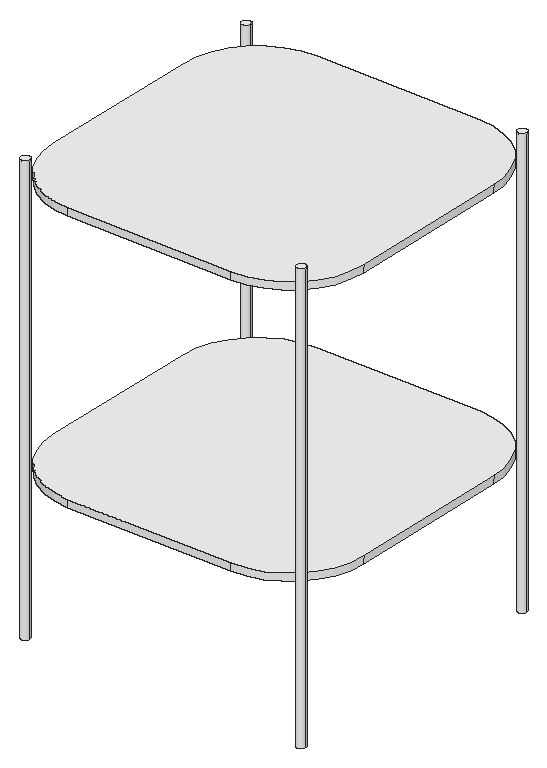
Revit family "NBS_Allermuir_OffcStrg_Mozaik-en-us", category Furniture, Revit 2016
Family settings
  Work Plane-Based = No
  Always vertical = Yes
  Cut with Voids When Loaded = No
  Shared = No
  Room Calculation Point = No
Parameters (values of type "MZKLSS")
  WorksurfaceArea = 0.00 m²
  WarrantyStartDate [instance] = "1900-12-31T23:59:59"
  WarrantyGuarantorParts = "sales@allermuir.com"
  WarrantyGuarantorLabor = "n/a"
  WarrantyDurationUnit = "year"
  WarrantyDurationParts = "10"
  WarrantyDurationLabor = "n/a"
  WarrantyDescription = "Allermuir warrant that its manufactured products are free from manufacturing defects in materials or workmanship for a period of ten years"
  Version = "1"  # constant formula
  Uniclass2015Version = "Products v1.9"
  Uniclass2015Title = "Office storage units"
  Uniclass2015Code = "Pr_40_30_78_57"
  TagNumber [instance] = "n/a"
  SustainabilityPerformance = "n/a"
  Style = "n/a"
  StorageUnits = "Office shelving"
  Status = "UNSET"
  Size = "17 x 17 x 23.5\""
  ShelfMaterial = NBS_Concept
  Shape = "n/a"
  SerialNumber [instance] = "n/a"
  Revision = "n/a"
  ReplacementCost = "n/a"
  Reference = "n/a"
  ProductInformation = "http://www.thesenatorgroup.com/FamilyDocuments/791/Americas/Allermuir_SPEC_2017_MozaikStorage_US.pdf"
  OmniClassVersion = "Table 22 2012-05-16"
  OmniClassTitle = "Office Tables"
  OmniClassCode = "22-12 51 23"
  NumberOfChairs = 0
  NominalWidth = 17"
  NominalLength = 17"
  NominalHeight = 23.5"
  NominalDepth = 17"
  Name = "OfficeStorage_Mozaik_MZKLSS-US_Allermuir"
  NBSReference = "45-35-80/360"
  NBSDescription = "Office storage"
  NBSCertification = "www.nationalbimlibrary.com/cert/q4erdhkb"
  ModelReference = "Mozaik office"
  ModelNumber = "MZKLSS"
  Material = "n/a"
  ManufacturerURL = "http://www.thesenatorgroup.com"
  ManufacturerName = "Allermuir"  # constant formula
  Manufacturer = "sales@allermuir.com"  # constant formula
  MainColor = "Black"
  LegMaterial = NBS_Concept
  IsBuiltIn = no
  IntegralAccessories = "Plastic glides"
  InstallationDate [instance] = "1900-12-31T23:59:59"
  IfcExportType = "NOTDEFINED"  # constant formula
  IfcExportAs = "IfcFurnitureType"  # constant formula
  High = not(NominalHeight < 39.37008")  # no
  Grade = "n/a"
  FrameFinishOptions = "Black, white, coral or pebble powder coat"
  Finish = "n/a"
  Features = "0.50\" TFL surface available in matt white or black, edge profile is stained to match the TFL top, wire frame finished in black powder coat, plastic glides, wire frame available in white, coral or pebble powder coat"
  ExpectedLife = "10"
  EnvironmentalProductDeclaration = "http://www.thesenatorgroup.com/FamilyDocuments/791/Americas/ALLERMUIR_EPA_2017_US%20VERSION_MOZAIK%20STORAGE%20.pdf"
  DurationUnit = "year"
  Description = "Low square storage"
  Constituents = "n/a"
  Color = "n/a"
  CodePerformance = "n/a"
  Category = "Pr_40_30_78_57:Office storage units"
  BarCode [instance] = "n/a"
  BIMObjectName = "NBS_Allermuir_OfficeStorage_Mozaik_MZKLSS-US"
  Author = "NBS"  # constant formula
  AssetType = "Moveable"
  AssetIdentifier [instance] = "n/a"
  AccessibilityPerformance = "n/a"
Types (4): name | Size | NominalWidth | NominalLength | NominalHeight | NominalDepth | Name | ModelNumber | High | Description | BIMObjectName
  MZKLT | "33.75 x 33.75 x 15.5\"" | 33.75" | 33.75" | 15.5" | 33.75" | "OfficeStorage_Mozaik_MZKLT-US_Allermuir" | "MZKLT" | no | "Low table" | "NBS_Allermuir_OfficeStorage_Mozaik_MZKLT-US"
  MZKLSS | "17 x 17 x 23.5\"" | 17" | 17" | 23.5" | 17" | "OfficeStorage_Mozaik_MZKLSS-US_Allermuir" | "MZKLSS" | no | "Low square storage" | "NBS_Allermuir_OfficeStorage_Mozaik_MZKLSS-US"
  MZKHSS | "17 x 17 x 46.25\"" | 17" | 17" | 46.25" | 17" | "OfficeStorage_Mozaik_MZKHSS-US_Allermuir" | "MZKHSS" | yes | "High square storage" | "NBS_Allermuir_OfficeStorage_Mozaik_MZKHSS-US"
  MZKLRS | "33.75 x 17 x 23.5\"" | 17" | 33.75" | 23.5" | 17" | "OfficeStorage_Mozaik_MZKLRS-US_Allermuir" | "MZKLRS" | no | "Low rectangular storage" | "NBS_Allermuir_OfficeStorage_Mozaik_MZKLRS-US"
Reference planes (in)
  plane 1 "Center (Front/Back)": y = 0
  plane 2: z = 0
  plane 3 "Center (Left/Right)": x = 0
  plane 4: y = 8.5
  plane 5: y = -8.5
  plane 6: x = 8.5
  plane 7: x = -8.5
  plane 8: z = 23.5
  plane 9 "BtmShelf": z = 7.87553
  plane 10 "TopShelf": z = 22.1617
  plane 11: z = 8.26923
  plane 12: z = 22.5554
  plane 13 "HighShlf1": z = 22.04876
  plane 14 "HighShlf2": z = 31.10388
  plane 15: z = 31.49758
  plane 16: z = 22.44246
Forms (in)
  Extrusion 1, solid, material "NBS_Concept" <- "ShelfMaterial", detail levels coarse
    sketch origin (0, 0, 7.87553) x (0, -1, 0) y (1, 0, 0)
      loop
        line (-8.5, -8.5) -> (8.5, -8.5) -> (8.5, 8.5) -> (-8.5, 8.5) -> (-8.5, -8.5)
    from 0 to 0.3937
  Extrusion 2, solid, material "NBS_Concept" <- "ShelfMaterial", detail levels coarse
    sketch origin (0, 0, 22.1617) x (0, -1, 0) y (1, 0, 0)
      loop
        line (-8.5, -8.5) -> (8.5, -8.5) -> (8.5, 8.5) -> (-8.5, 8.5) -> (-8.5, -8.5)
    from 0 to 0.3937
  Extrusion 3, solid, material "NBS_Concept" <- "LegMaterial", detail levels medium+fine
    sketch origin (0, 0, 0) x (1, 0, 0) y (0, 1, 0)
      loop
        circle (-7.55633, 7.55615) r 0.23622
      loop
        circle (7.55633, 7.55615) r 0.23622
      loop
        circle (-7.55633, -7.55615) r 0.23622
      loop
        circle (7.55633, -7.55615) r 0.23622
    from 0 to 23.5
  Extrusion 4, solid, material "NBS_Concept" <- "ShelfMaterial", detail levels medium+fine
    sketch origin (0, 0, 7.87553) x (0, -1, 0) y (1, 0, 0)
      loop
        arc (-8.5, -4.44488) -> (-7.31228, -7.31228) -> (-4.44488, -8.5) r 4.05512
        line (-4.44488, -8.5) -> (4.45243, -8.5)
        arc (4.45243, -8.5) -> (7.31449, -7.31449) -> (8.5, -4.45243) r 4.04757
        line (8.5, -4.45243) -> (8.5, 4.44488)
        arc (8.5, 4.44488) -> (7.31228, 7.31228) -> (4.44488, 8.5) r 4.05512
        line (4.44488, 8.5) -> (-4.45827, 8.5)
        arc (-4.45827, 8.5) -> (-7.3162, 7.3162) -> (-8.5, 4.45827) r 4.04173
        line (-8.5, 4.45827) -> (-8.5, -4.44488)
    from 0 to 0.3937
  Extrusion 5, solid, material "NBS_Concept" <- "ShelfMaterial", detail levels medium+fine
    sketch origin (0, 0, 22.05515) x (0, -1, 0) y (1, 0, 0)
      loop
        arc (-8.5, -4.44488) -> (-7.31228, -7.31228) -> (-4.44488, -8.5) r 4.05512
        line (-4.44488, -8.5) -> (4.45243, -8.5)
        arc (4.45243, -8.5) -> (7.31449, -7.31449) -> (8.5, -4.45243) r 4.04757
        line (8.5, -4.45243) -> (8.5, 4.44488)
        arc (8.5, 4.44488) -> (7.31228, 7.31228) -> (4.44488, 8.5) r 4.05512
        line (4.44488, 8.5) -> (-4.45827, 8.5)
        arc (-4.45827, 8.5) -> (-7.3162, 7.3162) -> (-8.5, 4.45827) r 4.04173
        line (-8.5, 4.45827) -> (-8.5, -4.44488)
    from 0.10655 to 0.50026
  Extrusion 6, solid, material "NBS_Concept" <- "ShelfMaterial", visible <- "High", detail levels coarse
    sketch origin (0, 0, 22.04876) x (0, -1, 0) y (1, 0, 0)
      loop
        line (-8.5, -8.5) -> (8.5, -8.5) -> (8.5, 8.5) -> (-8.5, 8.5) -> (-8.5, -8.5)
    from 0 to 0.3937
  Extrusion 7, solid, material "NBS_Concept" <- "ShelfMaterial", visible <- "High", detail levels coarse
    sketch origin (0, 0, 31.10388) x (0, -1, 0) y (1, 0, 0)
      loop
        line (-8.5, -8.5) -> (8.5, -8.5) -> (8.5, 8.5) -> (-8.5, 8.5) -> (-8.5, -8.5)
    from 0 to 0.3937
  Extrusion 8, solid, material "NBS_Concept" <- "ShelfMaterial", visible <- "High", detail levels medium+fine
    sketch origin (0, 0, 22.04876) x (0, -1, 0) y (1, 0, 0)
      loop
        arc (-8.5, -4.44488) -> (-7.31228, -7.31228) -> (-4.44488, -8.5) r 4.05512
        line (-4.44488, -8.5) -> (4.45243, -8.5)
        arc (4.45243, -8.5) -> (7.31449, -7.31449) -> (8.5, -4.45243) r 4.04757
        line (8.5, -4.45243) -> (8.5, 4.44488)
        arc (8.5, 4.44488) -> (7.31228, 7.31228) -> (4.44488, 8.5) r 4.05512
        line (4.44488, 8.5) -> (-4.45827, 8.5)
        arc (-4.45827, 8.5) -> (-7.3162, 7.3162) -> (-8.5, 4.45827) r 4.04173
        line (-8.5, 4.45827) -> (-8.5, -4.44488)
    from 0 to 0.3937
  Extrusion 9, solid, material "NBS_Concept" <- "ShelfMaterial", visible <- "High", detail levels medium+fine
    sketch origin (0, 0, 31.10388) x (0, -1, 0) y (1, 0, 0)
      loop
        arc (-8.5, -4.44488) -> (-7.31228, -7.31228) -> (-4.44488, -8.5) r 4.05512
        line (-4.44488, -8.5) -> (4.45243, -8.5)
        arc (4.45243, -8.5) -> (7.31449, -7.31449) -> (8.5, -4.45243) r 4.04757
        line (8.5, -4.45243) -> (8.5, 4.44488)
        arc (8.5, 4.44488) -> (7.31228, 7.31228) -> (4.44488, 8.5) r 4.05512
        line (4.44488, 8.5) -> (-4.45827, 8.5)
        arc (-4.45827, 8.5) -> (-7.3162, 7.3162) -> (-8.5, 4.45827) r 4.04173
        line (-8.5, 4.45827) -> (-8.5, -4.44488)
    from 0 to 0.3937
  Extrusion 10, solid, material "NBS_Concept" <- "LegMaterial", detail levels coarse
    sketch origin (0, 0, 0) x (1, 0, 0) y (0, 1, 0)
      loop
        circle (-7.55633, 7.55615) r 0.23622
      loop
        circle (7.55633, 7.55615) r 0.23622
      loop
        circle (-7.55633, -7.55615) r 0.23622
      loop
        circle (7.55633, -7.55615) r 0.23622
    from 0 to 23.5
Dimensions and locks (in)
  locked: plane 11 to plane 9 "BtmShelf" at 0.3937
  locked: plane 12 to plane 10 "TopShelf" at 0.3937
  "NominalHeight": plane 8 to plane 2
  equal spacing: plane 5, plane 1 "Center (Front/Back)", plane 4
  equal spacing: plane 7, plane 3 "Center (Left/Right)", plane 6
  "NominalLength": plane 7 to plane 6
  "NominalDepth": plane 5 to plane 4
  plane 8 to plane 10 "TopShelf" = 1.3383"
  plane 15 to plane 14 "HighShlf2" = 0.3937"
  plane 16 to plane 13 "HighShlf1" = 0.3937"
  radius of Extrusion 3 sketch curve = 0.23622"  (x4)
  radius of Extrusion 4 sketch curve = 4.04173"
  radius of Extrusion 4 sketch curve = 4.05512"  (x2)
  radius of Extrusion 4 sketch curve = 4.04757"
  radius of Extrusion 5 sketch curve = 4.04173"
  radius of Extrusion 5 sketch curve = 4.05512"  (x2)
  radius of Extrusion 5 sketch curve = 4.04757"
  radius of Extrusion 8 sketch curve = 4.04173"
  radius of Extrusion 8 sketch curve = 4.05512"  (x2)
  radius of Extrusion 8 sketch curve = 4.04757"
  radius of Extrusion 9 sketch curve = 4.04173"
  radius of Extrusion 9 sketch curve = 4.05512"  (x2)
  radius of Extrusion 9 sketch curve = 4.04757"
  aligned and locked: level to plane 2
  aligned and locked: plane 7 to Extrusion 1 sketch curve
  aligned and locked: Extrusion 1 sketch curve to plane 5
  aligned and locked: Extrusion 2 to plane 12
  aligned and locked: plane 10 "TopShelf" to Extrusion 2
  aligned and locked: Extrusion 1 to plane 11
  aligned and locked: plane 9 "BtmShelf" to Extrusion 1
  aligned and locked: Extrusion 3 to level
  aligned and locked: plane 8 to Extrusion 3
  aligned and locked: plane 4 to Extrusion 4 sketch curve
  aligned and locked: plane 7 to Extrusion 4 sketch curve
  aligned and locked: Extrusion 4 sketch curve to plane 5
  aligned and locked: Extrusion 4 sketch curve to plane 6
  aligned and locked: plane 9 "BtmShelf" to Extrusion 4
  aligned and locked: Extrusion 4 to plane 11
  aligned and locked: plane 10 "TopShelf" to Extrusion 5
  aligned and locked: Extrusion 5 to plane 12
  aligned and locked: Extrusion 6 to plane 16
  aligned and locked: plane 13 "HighShlf1" to Extrusion 6
  aligned and locked: Extrusion 7 to plane 15
  aligned and locked: plane 14 "HighShlf2" to Extrusion 7
  aligned and locked: Extrusion 9 to plane 15
  aligned and locked: plane 14 "HighShlf2" to Extrusion 9
  aligned and locked: Extrusion 8 to plane 16
  aligned and locked: plane 13 "HighShlf1" to Extrusion 8
  aligned and locked: plane 8 to Extrusion 10
Automatic sketch dimensions
  plane 4 to Extrusion 1 sketch curve = 0"
  Extrusion 1 sketch curve to plane 6 = 0"
  plane 4 to Extrusion 2 sketch curve = 0"
  plane 5 to Extrusion 2 sketch curve = 0"
  Extrusion 2 sketch curve to plane 7 = 0"
  Extrusion 2 sketch curve to plane 6 = 0"
  plane 7 to Extrusion 3 sketch curve = 0.94367"  (x2)
  Extrusion 3 sketch curve to plane 6 = 0.94367"  (x2)
  Extrusion 3 sketch curve to plane 5 = 0.94385"  (x2)
  plane 4 to Extrusion 3 sketch curve = 0.94385"  (x2)
  plane 4 to Extrusion 5 sketch curve = 0"
  Extrusion 5 sketch curve to plane 6 = 0"
  Extrusion 5 sketch curve to plane 7 = 0"
  plane 5 to Extrusion 5 sketch curve = 0"
  plane 4 to Extrusion 6 sketch curve = 0"
  plane 5 to Extrusion 6 sketch curve = 0"
  Extrusion 6 sketch curve to plane 7 = 0"
  Extrusion 6 sketch curve to plane 6 = 0"
  plane 4 to Extrusion 7 sketch curve = 0"
  plane 5 to Extrusion 7 sketch curve = 0"
  Extrusion 7 sketch curve to plane 7 = 0"
  Extrusion 7 sketch curve to plane 6 = 0"
  plane 4 to Extrusion 8 sketch curve = 0"
  Extrusion 8 sketch curve to plane 6 = 0"
  Extrusion 8 sketch curve to plane 7 = 0"
  plane 5 to Extrusion 8 sketch curve = 0"
  plane 4 to Extrusion 9 sketch curve = 0"
  Extrusion 9 sketch curve to plane 6 = 0"
  Extrusion 9 sketch curve to plane 7 = 0"
  plane 5 to Extrusion 9 sketch curve = 0"
  plane 7 to Extrusion 10 sketch curve = 0.94367"  (x2)
  Extrusion 10 sketch curve to plane 6 = 0.94367"  (x2)
  Extrusion 10 sketch curve to plane 5 = 0.94385"  (x2)
  plane 4 to Extrusion 10 sketch curve = 0.94385"  (x2)
  radius of Extrusion 10 sketch curve = 0.23622"  (x4)
